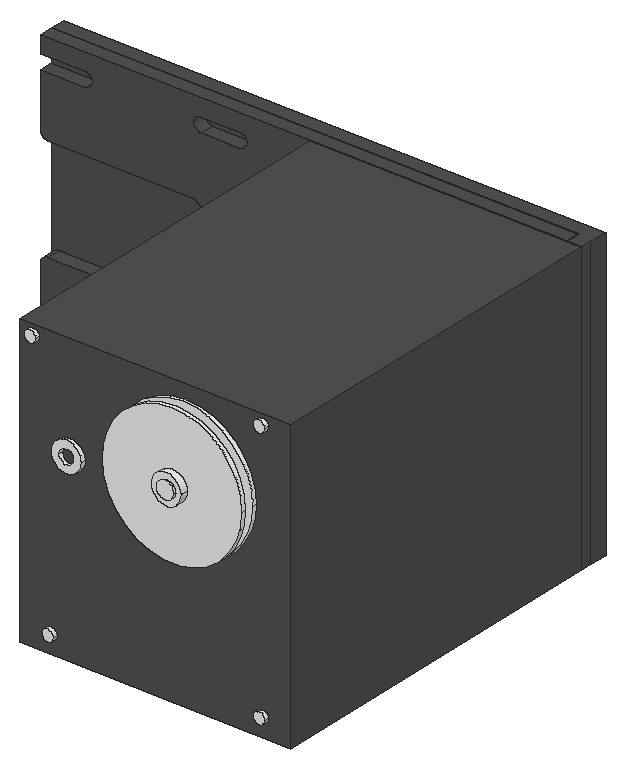
Revit family "DoorOperators_Genie_GCL-GCX", category Generic Models, Revit 2026
Family settings
  Can host rebar = No
  Round Connector Dimension = Use Diameter
  Part Type = Normal
  Classification Number = 23.30.10.11
  Work Plane-Based = Yes
  Always vertical = Yes
  Cut with Voids When Loaded = No
  Maintain Annotation Orientation = No
  Shared = No
  Room Calculation Point = No
Parameters (values of type "1/2 HP / 115V / 1 Phase")
  Voltage_MEP = 10.6838 V
  URL = "http://commercial.geniecompany.com"
  Test Data = "http://commercial.geniecompany.com/architect-corner.aspx"
  Specification = "http://www.arcat.com/sd/clients/genieco.html?coid=32736"
  Sales Information = "http://www.geniecompany.com/locate-genie.aspx"
  Revision = "R0_11-2017"
  Product Data = "http://www.arcat.com/arcatcos/cos32/arc32735.html"
  Model = "GCL-GCX"
  Manufacturer Website = "http://commercial.geniecompany.com"
  Manufacturer Phone - Toll Free = "800-843-4084"
  Manufacturer Phone = ""
  Manufacturer Fax = "800-221-0132"
  Manufacturer Address = "P. O. Box 67, One Door Dr., Mt. Hope, OH 44660"
  Manufacturer = "Genie Company"
  MEP Amperage = 6.5 A
  Keynote = "08 71 13"
  Installation-Fabrication = "http://commercial.geniecompany.com/architect-corner.aspx"
  Height = 9 11/16"
  Operator Material = Metal - Steel - GenieCommercial
  Length = 18 1/8"
  Green Building-LEED = ""
  Drawn By = "Sumex Design / Robert S. Weygant"
  Description = "Genie GCL-GCX Commercial Overhead Door Operator"
  Depth = 14 3/8"
  Hardware Material = Metal - Aluminum - GenieCommercial
  Default Elevation = 48"
  Copyright = "2017 ARCAT, Inc."
  Construction Details = "http://commercial.geniecompany.com/architect-corner.aspx"
  Category = ""
  Building Codes = ""
  Assembly Code = "23.30.10.11"
Reference planes (in)
  plane 1 "Center (Front/Back)": y = 0
  plane 2: z = 0
  plane 3 "Center (Left/Right)": x = 0
  plane 4 "Right": y = 7.1875
  plane 5 "Left": y = -7.1875
  plane 6 "Back": x = -9.0625
  plane 7 "Front": x = 9.0625
  plane 8 "Bottom": z = -9.6875
Forms (in)
  Extrusion 1, solid, material "Metal - Steel - GenieCommercial" <- "Operator Material"
    sketch origin (0, 0, -9.6875) x (1, 0, 0) y (0, 0, 1)
      loop
        line (-9.0625, 9.6875) -> (-9.0625, 9.125) -> (-7.5625, 9.125)
        arc (-7.5625, 9.125) -> (-7.3125, 8.875) -> (-7.5625, 8.625) r 0.25
        line (-7.5625, 8.625) -> (-9.0625, 8.625) -> (-9.0625, 6.84375)
        arc (-9.0625, 6.84375) -> (-8.98928, 6.66697) -> (-8.8125, 6.59375) r 0.25
        line (-8.8125, 6.59375) -> (-4.0625, 6.59375)
        arc (-4.0625, 6.59375) -> (-3.70895, 6.4473) -> (-3.5625, 6.09375) r 0.5
        line (-3.5625, 6.09375) -> (-3.5625, 3.59375)
        arc (-3.5625, 3.59375) -> (-3.70895, 3.2402) -> (-4.0625, 3.09375) r 0.5
        line (-4.0625, 3.09375) -> (-8.8125, 3.09375)
        arc (-8.8125, 3.09375) -> (-8.98928, 3.02053) -> (-9.0625, 2.84375) r 0.25
        line (-9.0625, 2.84375) -> (-9.0625, 1.0625) -> (-7.5625, 1.0625)
        arc (-7.5625, 1.0625) -> (-7.3125, 0.8125) -> (-7.5625, 0.5625) r 0.25
        line (-7.5625, 0.5625) -> (-9.0625, 0.5625) -> (-9.0625, 0) -> (8.5625, 0) -> (8.5625, 9.6875) -> (-9.0625, 9.6875)
      loop
        line (-2.375, 9.125) -> (-3.6875, 9.125)
        arc (-3.6875, 9.125) -> (-3.9375, 8.875) -> (-3.6875, 8.625) r 0.25
        line (-3.6875, 8.625) -> (-2.375, 8.625)
        arc (-2.375, 8.625) -> (-2.125, 8.875) -> (-2.375, 9.125) r 0.25
      loop
        arc (-2.375, 0.5625) -> (-2.125, 0.8125) -> (-2.375, 1.0625) r 0.25
        line (-2.375, 1.0625) -> (-3.6875, 1.0625)
        arc (-3.6875, 1.0625) -> (-3.9375, 0.8125) -> (-3.6875, 0.5625) r 0.25
        line (-3.6875, 0.5625) -> (-2.375, 0.5625)
    from -6.6875 to -6.19926
  Extrusion 2, solid, material "Metal - Steel - GenieCommercial" <- "Operator Material"
    sketch origin (0, 0, 0) x (-1, 0, 0) y (0, -1, 0)
      loop
        line (-9.0625, -6.19926) -> (0, -6.19926) -> (0, 5.97548) -> (-9.0625, 5.97548) -> (-9.0625, -6.19926)
    from -9.6875 to 0
  Extrusion 3, solid, material "Metal - Steel - GenieCommercial" <- "Operator Material"
    sketch origin (0, 0, 0) x (-1, 0, 0) y (0, -1, 0)
      loop
        line (9.0625, -7.1875) -> (9.0625, -6.6875) -> (-8.5625, -6.6875) -> (-8.5625, -6.19926) -> (-9.0625, -6.19926) -> (-9.0625, -6.54783) -> (-9.0625, -7.1875) -> (9.0625, -7.1875)
    from -9.6875 to 0
  Extrusion 4, solid, material "Metal - Aluminum - GenieCommercial" <- "Hardware Material"
    sketch origin (0, 0, -9.6875) x (1, 0, 0) y (0, 0, 1)
      loop
        circle (0.44197, 9.37948) r 0.18854
    from 5.97548 to 6.10792
  Extrusion 5, solid, material "Metal - Aluminum - GenieCommercial" <- "Hardware Material"
    sketch origin (8.55271, 0, -9.6875) x (-1, 0, 0) y (0, 0, -1)
      loop
        circle (0.44197, -9.37948) r 0.18854
    from 5.97548 to 6.10792
  Extrusion 6, solid, material "Metal - Aluminum - GenieCommercial" <- "Hardware Material"
    sketch origin (0.59676, 0, 0.32133) x (1, 0, 0) y (0, 0, 1)
      loop
        circle (0.44197, -9.37948) r 0.18854
    from 5.97548 to 6.10792
  Extrusion 7, solid, material "Metal - Aluminum - GenieCommercial" <- "Hardware Material"
    sketch origin (8.55271, 0, 0.32133) x (-1, 0, 0) y (0, 0, -1)
      loop
        circle (0.44197, 9.37948) r 0.18854
    from 5.97548 to 6.10792
  Extrusion 8, solid, material "Metal - Aluminum - GenieCommercial" <- "Hardware Material"
    sketch origin (0, 0.39425, -9.25859) x (1, 0, 0) y (0, -0.224951, 0.97437)
      loop
        line (0, 7.30442) -> (0, 7.42942) -> (-0.59217, 7.42942)
        arc (-0.59217, 7.42942) -> (-0.79216, 7.34658) -> (-0.875, 7.14659) r 0.28283
        line (-0.875, 7.14659) -> (-0.875, 1.05442) -> (-0.75, 1.05442) -> (-0.75, 7.14659)
        arc (-0.75, 7.14659) -> (-0.70377, 7.25819) -> (-0.59217, 7.30442) r 0.15783
        line (-0.59217, 7.30442) -> (0, 7.30442)
    from 1.11168 to 1.67064
  Extrusion 9, solid
    sketch origin (0, 0, -9.6875) x (1, 0, 0) y (0, 0, 1)
      loop
        line (0, 8.6875) -> (0, 9.1875)
        arc (0, 9.1875) -> (-0.25, 8.9375) -> (0, 8.6875) r 0.25
    from -0.85975 to -1.14342
  Sweep 10, solid, material "Metal - Aluminum - GenieCommercial" <- "Hardware Material"
    path origin (-0.86469, 0.18666, -0.28178) x (-0.083972, -0.224157, -0.970929) y (0, -0.97437, 0.224951)
      loop
        arc (0.4272, -1.2952) -> (0.11728, -0.98528) -> (0.4272, -0.67536) r 0.30992
        line (0.4272, -0.67536) -> (0.99186, -0.67536)
    profile origin (-0.90057, 0.74895, -0.84848) x (0, -0.97437, 0.224951) y (-0.996468, 0.01889, 0.08182)
      loop
        circle (-0.09934, -0.74641) r 0.04261
  Revolve 11, solid, material "Metal - Aluminum - GenieCommercial" <- "Hardware Material"
    sketch origin (0, -1.32479, -9.36791) x (1, 0, 0) y (0, 0.241922, 0.970296)
      loop
        line (-0.35515, 8.18429) -> (-0.67779, 8.21148) -> (-1.30496, 2.24435) -> (-0.98302, 2.21051) -> (-0.35515, 8.18429)
      axis (-0.35515, 8.18429) -> (-0.98302, 2.21051)
    angle from 0 to 360
  Sweep 12, solid, material "Metal - Aluminum - GenieCommercial" <- "Hardware Material"
    path origin (-2.001, -1.42213, -8.08971) x (-0.022125, 0.296591, 0.954748) y (-0.803815, 0.562567, -0.193388)
      loop
        arc (0.4272, -1.2952) -> (0.11728, -0.98528) -> (0.4272, -0.67536) r 0.30992
        line (0.4272, -0.67536) -> (0.99186, -0.67536)
    profile origin (-1.46759, -1.67537, -7.55124) x (-0.803815, 0.562567, -0.193388) y (-0.594467, -0.77172, 0.225957)
      loop
        circle (-0.09934, -0.74641) r 0.04261
  Extrusion 13, solid, material "Metal - Aluminum - GenieCommercial" <- "Hardware Material"
    sketch origin (6.15131, -13.06847, -11.81955) x (0, -1, 0) y (0, 0, 1)
      loop
        circle (-10.12093, 4.5717) r 1.09401
    from 6.60014 to 6.73258
  Extrusion 14, solid, material "Metal - Aluminum - GenieCommercial" <- "Hardware Material"
    sketch origin (-6.73258, -13.06847, -11.81955) x (0, -1, 0) y (0, 0, -1)
      loop
        circle (-10.12093, -4.5717) r 1.09401
    from 6.60014 to 6.73258
  Extrusion 15, solid, material "Metal - Aluminum - GenieCommercial" <- "Hardware Material"
    sketch origin (5.70372, -13.06847, -11.81955) x (0, -1, 0) y (0, 0, 1)
      loop
        circle (-10.12093, 4.5717) r 0.86036
    from 5.83616 to 6.15255
  Extrusion 16, solid, material "Metal - Aluminum - GenieCommercial" <- "Hardware Material"
    sketch origin (5.97548, -2.50557, -16.62733) x (0, -1, 0) y (0, 0, 1)
      loop
        circle (0.44197, 9.37948) r 0.15007
    from 5.97548 to 6.85048
  Extrusion 17, solid, material "Metal - Aluminum - GenieCommercial" <- "Hardware Material"
    sketch origin (5.97548, -2.50557, -16.62733) x (0, -1, 0) y (0, 0, 1)
      loop
        circle (0.44197, 9.37948) r 0.25
      loop
        circle (0.44197, 9.37948) r 0.15007
    from 6.55675 to 6.79637
  Extrusion 18, solid, material "Metal - Aluminum - GenieCommercial" <- "Hardware Material"
    sketch origin (6.15131, -12.50428, -7.99927) x (0, -1, 0) y (0, 0, 1)
      loop
        circle (-10.12093, 4.5717) r 0.86383
    from 6.60014 to 6.73258
  Extrusion 19, solid, material "Metal - Aluminum - GenieCommercial" <- "Hardware Material"
    sketch origin (-6.73258, -12.50428, -7.99927) x (0, -1, 0) y (0, 0, -1)
      loop
        circle (-10.12093, -4.5717) r 0.86383
    from 6.60014 to 6.73258
  Extrusion 20, solid, material "Metal - Aluminum - GenieCommercial" <- "Hardware Material"
    sketch origin (5.70372, -12.50428, -7.99927) x (0, -1, 0) y (0, 0, 1)
      loop
        circle (-10.12093, 4.5717) r 0.60127
    from 5.83616 to 6.15255
  Extrusion 21, solid, material "Metal - Aluminum - GenieCommercial" <- "Hardware Material"
    sketch origin (5.97548, -1.94138, -12.80705) x (0, -1, 0) y (0, 0, 1)
      loop
        circle (0.44197, 9.37948) r 0.15007
    from 5.97548 to 6.92236
  Extrusion 22, solid, material "Metal - Aluminum - GenieCommercial" <- "Hardware Material"
    sketch origin (5.97548, -1.94138, -12.80705) x (0, -1, 0) y (0, 0, 1)
      loop
        circle (0.44197, 9.37948) r 0.25
      loop
        circle (0.44197, 9.37948) r 0.15007
    from 6.55675 to 6.88865
  Extrusion 23, solid
    sketch origin (0, 0, -9.6875) x (0, 1, 0) y (0, 0, 1)
      loop
        line (-2.97168, 6.37787) -> (-3.78764, 2.62525)
        arc (-3.78764, 2.62525) -> (-3.04089, 1.58437) -> (-2.08718, 2.43965) r 0.86036
        line (-2.08718, 2.43965) -> (-1.78191, 6.24065)
        arc (-1.78191, 6.24065) -> (-2.3136, 6.85721) -> (-2.97168, 6.37787) r 0.60085
      loop
        line (-2.05593, 2.43839) -> (-1.7507, 6.23888)
        arc (-1.7507, 6.23888) -> (-2.30951, 6.8882) -> (-3.00228, 6.38425) r 0.6321
        line (-3.00228, 6.38425) -> (-3.81816, 2.63194)
        arc (-3.81816, 2.63194) -> (-3.04489, 1.55337) -> (-2.05593, 2.43839) r 0.89161
    from -0.44883 to -0.13244
  Extrusion 24, solid, material "Metal - Aluminum - GenieCommercial" <- "Hardware Material"
    sketch origin (15.67616, 0.17583, -7.35843) x (1, 0, 0) y (0, 0, 1)
      loop
        circle (-10.12093, 4.5717) r 2.33482
    from 6.60014 to 6.73258
  Extrusion 25, solid, material "Metal - Aluminum - GenieCommercial" <- "Hardware Material"
    sketch origin (15.67616, -12.70806, -7.35843) x (1, 0, 0) y (0, 0, -1)
      loop
        circle (-10.12093, -4.5717) r 2.33482
    from 6.60014 to 6.73258
  Extrusion 26, solid, material "Metal - Aluminum - GenieCommercial" <- "Hardware Material"
    sketch origin (15.67616, -0.27176, -7.35843) x (1, 0, 0) y (0, 0, 1)
      loop
        circle (-10.12093, 4.5717) r 1.86068
    from 5.83616 to 6.15255
  Extrusion 27, solid, material "Metal - Aluminum - GenieCommercial" <- "Hardware Material"
    sketch origin (5.11326, 0, -12.16621) x (1, 0, 0) y (0, 0, 1)
      loop
        circle (0.44197, 9.37948) r 0.29285
    from 5.97548 to 6.85048
  Extrusion 28, solid, material "Metal - Aluminum - GenieCommercial" <- "Hardware Material"
    sketch origin (5.11326, 0, -12.16621) x (1, 0, 0) y (0, 0, 1)
      loop
        circle (0.44197, 9.37948) r 0.5
      loop
        circle (0.44197, 9.37948) r 0.29285
    from 6.55675 to 6.79637
  Extrusion 29, solid, material "Metal - Aluminum - GenieCommercial" <- "Hardware Material"
    sketch origin (12.46178, 0.17583, -9.28982) x (1, 0, 0) y (0, 0, 1)
      loop
        circle (-10.80134, 5.79919) r 0.5
      loop
        circle (-10.80134, 5.79919) r 0.25
    from 6.15131 to 6.28375
Dimensions and locks (in)
  equal spacing: plane 4 "Right", plane 1 "Center (Front/Back)", plane 5 "Left"
  "Depth": plane 4 "Right" to plane 5 "Left"
  equal spacing: plane 6 "Back", plane 3 "Center (Left/Right)", plane 7 "Front"
  "Length": plane 6 "Back" to plane 7 "Front"
  "Height": level to plane 8 "Bottom"
  aligned and locked: plane 2 to level
  aligned and locked: level to Extrusion 3
  aligned and locked: level to Extrusion 1
  aligned and locked: level to Extrusion 2
  aligned and locked: plane 8 "Bottom" to Extrusion 1
  aligned and locked: plane 8 "Bottom" to Extrusion 3
  aligned and locked: plane 8 "Bottom" to Extrusion 2
  aligned and locked: Extrusion 2 to plane 3 "Center (Left/Right)"
Automatic sketch dimensions
  level to Extrusion 1 sketch curve = 0"
  Extrusion 1 sketch curve to plane 6 "Back" = 0"  (x4)
  plane 6 "Back" to Extrusion 1 sketch curve = 1/4"  (x2)
  plane 6 "Back" to Extrusion 1 sketch curve = 1 1/2"  (x2)
  Extrusion 1 sketch curve to level = 9/16"
  Extrusion 1 sketch curve to Extrusion 1 sketch curve = 3 1/2"
  Extrusion 1 sketch curve to Extrusion 1 sketch curve = 0"
  Extrusion 1 sketch curve to Extrusion 1 sketch curve = 3/8"  (x2)
  Extrusion 1 sketch curve to level = 13/16"
  Extrusion 1 sketch curve to Extrusion 1 sketch curve = 1/2"  (x2)
  Extrusion 1 sketch curve to Extrusion 1 sketch curve = 1 5/16"  (x2)
  plane 7 "Front" to Extrusion 1 sketch curve = 1/2"
  Extrusion 1 sketch curve to Extrusion 1 sketch curve = 1/4"  (x3)
  Extrusion 1 sketch curve to Extrusion 1 sketch curve = 1 25/32"  (x2)
  Extrusion 1 sketch curve to Extrusion 1 sketch curve = 2 1/2"
  Extrusion 1 sketch curve to Extrusion 1 sketch curve = 2 1/32"
  Extrusion 1 sketch curve to Extrusion 1 sketch curve = 9 11/16"
  Extrusion 2 sketch curve to plane 7 "Front" = 0"
  Extrusion 2 sketch curve to plane 3 "Center (Left/Right)" = 0"
  Extrusion 2 sketch curve to plane 4 "Right" = 0.98824"
  plane 5 "Left" to Extrusion 2 sketch curve = 1.21202"
  Extrusion 3 sketch curve to plane 7 "Front" = 0"
  Extrusion 3 sketch curve to plane 4 "Right" = 0"
  Extrusion 3 sketch curve to plane 6 "Back" = 0"
  plane 7 "Front" to Extrusion 3 sketch curve = 1/2"
  Extrusion 3 sketch curve to plane 4 "Right" = 1/2"
  Extrusion 3 sketch curve to Extrusion 3 sketch curve = 0.13967"
  Extrusion 3 sketch curve to Extrusion 3 sketch curve = 0.48824"
  plane 3 "Center (Left/Right)" to Extrusion 4 sketch curve = 0.44197"
  Extrusion 4 sketch curve to level = 0.30802"
  level to Extrusion 5 sketch curve = 0.30802"
  Extrusion 5 sketch curve to plane 7 "Front" = 0.95176"
  Extrusion 6 sketch curve to plane 3 "Center (Left/Right)" = 1.03873"
  level to Extrusion 6 sketch curve = 9.05815"
  plane 7 "Front" to Extrusion 7 sketch curve = 0.95176"
  Extrusion 7 sketch curve to level = 9.05815"
  Extrusion 8 sketch curve to Extrusion 8 sketch curve = 0"  (x2)
  Extrusion 8 sketch curve to plane 3 "Center (Left/Right)" = 0"
  Extrusion 8 sketch curve to plane 3 "Center (Left/Right)" = 0.59217"
  Extrusion 8 sketch curve to Extrusion 8 sketch curve = 0.15783"
  Extrusion 8 sketch curve to Extrusion 8 sketch curve = 1/8"
  Extrusion 8 sketch curve to Extrusion 8 sketch curve = 6.09217"
  Extrusion 9 sketch curve to plane 3 "Center (Left/Right)" = 0"
  Extrusion 9 sketch curve to level = 1"
  Extrusion 9 sketch curve to Extrusion 9 sketch curve = 1/4"
  Sweep 10 sketch curve to Sweep 10 sketch curve = 0.30992"
  Sweep 10 sketch curve to Sweep 10 sketch curve = 0.56466"
  profile plane to Sweep 10 sketch curve = 0.09934"
  Sweep 10 sketch curve to profile plane = 0.74641"
  Revolve 11 sketch curve to plane 3 "Center (Left/Right)" = 1.30496"
  Revolve 11 sketch curve to Revolve 11 sketch curve = 0.32194"
  Revolve 11 sketch curve to plane 3 "Center (Left/Right)" = 0.67779"
  Revolve 11 sketch curve to Revolve 11 sketch curve = 0.32264"
  Revolve 11 sketch curve to Revolve 11 sketch curve = 0.03384"
  Revolve 11 sketch curve to Revolve 11 sketch curve = 0"  (x4)
  Sweep 12 sketch curve to Sweep 12 sketch curve = 0.30992"
  Sweep 12 sketch curve to Sweep 12 sketch curve = 0.56466"
  profile plane to Sweep 12 sketch curve = 0.09934"
  Sweep 12 sketch curve to profile plane = 0.74641"
  plane 1 "Center (Front/Back)" to Extrusion 13 sketch curve = 2.94754"
  Extrusion 13 sketch curve to level = 7.24785"
  plane 1 "Center (Front/Back)" to Extrusion 14 sketch curve = 2.94754"
  Extrusion 14 sketch curve to level = 7.24785"
  plane 1 "Center (Front/Back)" to Extrusion 15 sketch curve = 2.94754"
  Extrusion 15 sketch curve to level = 7.24785"
  plane 1 "Center (Front/Back)" to Extrusion 16 sketch curve = 2.94754"
  Extrusion 16 sketch curve to level = 7.24785"
  Extrusion 17 sketch curve to Extrusion 17 sketch curve = 0"  (x2)
  plane 1 "Center (Front/Back)" to Extrusion 17 sketch curve = 2.94754"
  Extrusion 17 sketch curve to level = 7.24785"
  plane 1 "Center (Front/Back)" to Extrusion 18 sketch curve = 2.38335"
  Extrusion 18 sketch curve to level = 3.42757"
  plane 1 "Center (Front/Back)" to Extrusion 19 sketch curve = 2.38335"
  Extrusion 19 sketch curve to level = 3.42757"
  plane 1 "Center (Front/Back)" to Extrusion 20 sketch curve = 2.38335"
  Extrusion 20 sketch curve to level = 3.42757"
  plane 1 "Center (Front/Back)" to Extrusion 21 sketch curve = 2.38335"
  Extrusion 21 sketch curve to level = 3.42757"
  Extrusion 22 sketch curve to Extrusion 22 sketch curve = 0"  (x2)
  plane 1 "Center (Front/Back)" to Extrusion 22 sketch curve = 2.38335"
  Extrusion 22 sketch curve to level = 3.42757"
  Extrusion 23 sketch curve to Extrusion 23 sketch curve = 0"  (x4)
  plane 5 "Left" to Extrusion 23 sketch curve = 3.36934"
  Extrusion 23 sketch curve to Extrusion 23 sketch curve = 0.03053"
  plane 1 "Center (Front/Back)" to Extrusion 23 sketch curve = 3.00228"
  Extrusion 23 sketch curve to Extrusion 23 sketch curve = 0.03059"
  Extrusion 23 sketch curve to Extrusion 23 sketch curve = 0.8401"
  Extrusion 23 sketch curve to Extrusion 23 sketch curve = 0.58924"
  Extrusion 23 sketch curve to Extrusion 23 sketch curve = 0.86036"
  Extrusion 23 sketch curve to Extrusion 23 sketch curve = 1/32"
  Extrusion 23 sketch curve to Extrusion 23 sketch curve = 0.60053"
  Extrusion 23 sketch curve to Extrusion 23 sketch curve = 0.03121"
  Extrusion 23 sketch curve to level = 7.24911"
  Extrusion 23 sketch curve to Extrusion 23 sketch curve = 0.00126"
  Extrusion 23 sketch curve to level = 3.44862"
  Extrusion 23 sketch curve to Extrusion 23 sketch curve = 0.00177"
  Extrusion 23 sketch curve to Extrusion 23 sketch curve = 0.01967"
  plane 7 "Front" to Extrusion 24 sketch curve = 3.50727"
  Extrusion 24 sketch curve to level = 2.78673"
  plane 7 "Front" to Extrusion 25 sketch curve = 3.50727"
  Extrusion 25 sketch curve to level = 2.78673"
  plane 7 "Front" to Extrusion 26 sketch curve = 3.50727"
  Extrusion 26 sketch curve to level = 2.78673"
  plane 7 "Front" to Extrusion 27 sketch curve = 3.50727"
  Extrusion 27 sketch curve to level = 2.78673"
  Extrusion 28 sketch curve to Extrusion 28 sketch curve = 0"  (x2)
  plane 7 "Front" to Extrusion 28 sketch curve = 3.50727"
  Extrusion 28 sketch curve to level = 2.78673"
  Extrusion 29 sketch curve to Extrusion 29 sketch curve = 0"  (x2)
  plane 3 "Center (Left/Right)" to Extrusion 29 sketch curve = 1.66044"
  Extrusion 29 sketch curve to level = 3.49063"
  radius of Extrusion 4 sketch curve = 0.18854"
  radius of Extrusion 5 sketch curve = 0.18854"
  radius of Extrusion 6 sketch curve = 0.18854"
  radius of Extrusion 7 sketch curve = 0.18854"
  radius of Sweep 10 sketch curve = 0.04261"
  radius of Sweep 12 sketch curve = 0.04261"
  radius of Extrusion 13 sketch curve = 1.09401"
  radius of Extrusion 14 sketch curve = 1.09401"
  radius of Extrusion 15 sketch curve = 0.86036"
  radius of Extrusion 16 sketch curve = 0.15007"
  radius of Extrusion 17 sketch curve = 1/4"
  radius of Extrusion 17 sketch curve = 0.15007"
  radius of Extrusion 18 sketch curve = 0.86383"
  radius of Extrusion 19 sketch curve = 0.86383"
  radius of Extrusion 20 sketch curve = 0.60127"
  radius of Extrusion 21 sketch curve = 0.15007"
  radius of Extrusion 22 sketch curve = 1/4"
  radius of Extrusion 22 sketch curve = 0.15007"
  radius of Extrusion 24 sketch curve = 2.33482"
  radius of Extrusion 25 sketch curve = 2.33482"
  radius of Extrusion 26 sketch curve = 1.86068"
  radius of Extrusion 27 sketch curve = 0.29285"
  radius of Extrusion 28 sketch curve = 1/2"
  radius of Extrusion 28 sketch curve = 0.29285"
  radius of Extrusion 29 sketch curve = 1/2"
  radius of Extrusion 29 sketch curve = 1/4"
